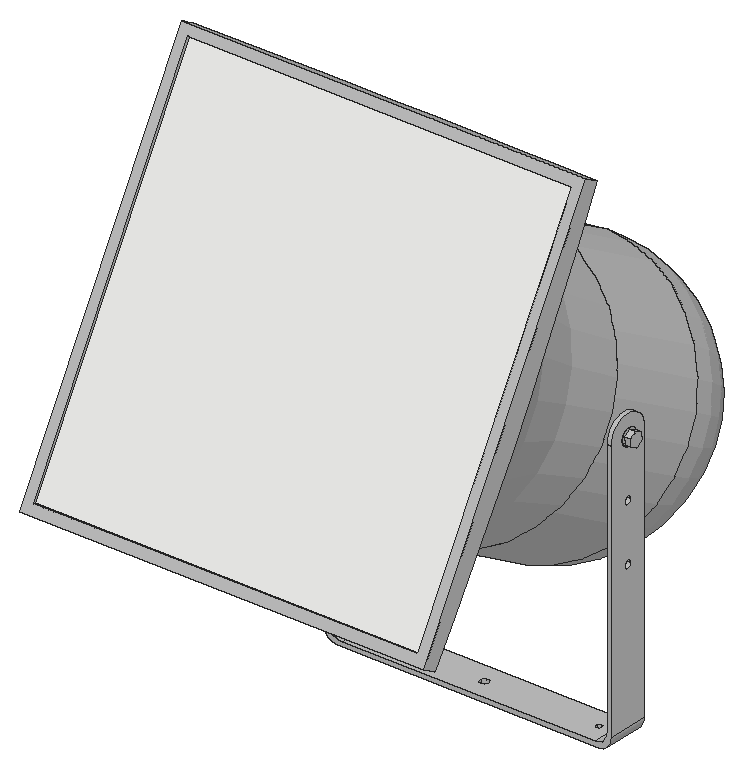
Revit family "Electronics_Community-Point-Source_Biamp_Loudspeaker_R_1", category Communication Devices, host Face, Revit 2020
Family settings
  Host = Face
  Maintain Annotation Orientation = No
  Round Connector Dimension = Use Diameter
  Part Type = Normal
  OmniClass Number = 23.85.10.11.14.14.14
  OmniClass Title = Loudspeakers
  Cut with Voids When Loaded = No
  Shared = No
  Room Calculation Point = No
Parameters (values of type "R1-94Z")
  Yoke Material = Biamp - Metal - Gray
  Width = 24.76378"  # constant formula
  Weight = 55.5565 lbf  # constant formula
  URL = "https://www.biamp.com/"
  Sensitivity (1W/1m) = "104 dB SPL (100 Hz to 16 kHz 1/3 octave bands) 105 dB SPL (250 Hz to 4 kHz speech range)"
  Rotate angle [instance] = 30.00°
  Required Accessories = "90 Hz high pass filter"  # constant formula
  Recommended Signal = "90 Hz high pass filter"  # constant formula
  Recommended Power Amplifier = "420W to 600W @ 8 ohms"  # constant formula
  Product data url = "https://www.bimobject.com/biamp/product/r1_community-point-source"
  Product Page URL = "https://www.biamp.com/products/product-families/community/point-source#r1"
  Product Documentation Link = "https://downloads.biamp.com/assets/docs/default-source/data-sheets/biamp_data_sheet_community_r1-94z.pdf"
  Position Note [instance] = "Please, set the value from 1 to 3 to choose the installation position on the yoke"  # constant formula
  Position [instance] = 3
  Operating Range = "90 Hz to 16 kHz 110 Hz to 10 kHz (±4 dB)"  # constant formula
  Offset [instance] = if(Nom Position = 1, 9.75391", if(Nom Position = 2, 13.25391", if(Nom Position = 3, 16.75391", 0.00")))  # 16.75391"
  Nominal –6dB = "80° H (+0° / -49°, 1 kHz to 16 kHz) 35° V (+4° / -10°, 1 kHz to 16 kHz) 100° H x 100° V (400 Hz)"
  Nominal Impedance = "8 ohms"  # constant formula
  Nom angle [instance] = if(and(Position = 1, or(Rotate angle < 0.00°, Rotate angle = 0.00°)), 0.00°, if(and(Position = 1, and(Rotate angle > 11.00°, Rotate angle < 169.00°)), 11.00°, if(and(Position = 1, or(Rotate angle > 169.00°, Rotate angle = 169.00°)), 169.00°, if(and(Position = 2, Rotate angle < 0.00°), 0.00°, if(and(Position = 2, and(Rotate angle > 0.00°, Rotate angle < 45.00°)), Rotate angle, if(and(Position = 2, and(Rotate angle > 45.00°, Rotate angle < 135.00°)), 45.00°, if(and(Position = 2, and(Rotate angle > 135.00°, Rotate angle < 180.00°)), Rotate angle, if(and(Position = 2, Rotate angle > 180.00°), 180.00°, if(and(Position = 3, Rotate angle < -20.00°), -20.00°, if(and(Position = 3, Rotate angle > 200.00°), 200.00°, Rotate angle))))))))))  # 30.00°
  Nom Position [instance] = if(Position < 1, 1, if(and(Position > 1, Position < 3), Position, if(Position = 3, 3, if(Position > 3, 3, 1))))  # 3
  Mounting/Rigging Provisions = "(5) 1/2-13 rigging points"  # constant formula
  Model = "R1-94Z"
  Minimum Impedance = "5.7 ohms @ 230 Hz"
  Maximum Output = "127 dB SPL / 134 dB SPL (peak)"
  Max value position = 3  # constant formula
  Max Input Ratings = "200W continuous, 500W program 40 volts RMS, 89 volts momentary peak"  # constant formula
  Manufacturer = "Biamp"  # constant formula
  Loudspeaker Type = "2-way horn loaded coaxial, weather-resistant"  # constant formula
  Input Connection = "12 foot (4 m) SJOW #16 gauge"  # constant formula
  Housing Material = Biamp - Plastic - Gray
  Height = 24.76378"  # constant formula
  Grille = "3-layer WeatherStop™, light grey (Zinc-rich epoxy dual-layer powder coated perforated steel grille, foam, woven poly mesh)"  # constant formula
  Grill Material = Biamp - Plastic - Gray(Grid)
  Environmental Performance = "IEC529 IP55W rating with a minimum 5-degree downward aiming angle"  # constant formula
  Enclosure = "Hand-laminated fiberglass, light grey gelcoat"  # constant formula
  Drivers = "LF 1 x 12” weather-treated, Ferrofluid-cooled HF 1 x 1” exit, titanium diaphragm"  # constant formula
  Driver Protection = "PowerSense™ DDP"  # constant formula
  Description = "R1 Two-Way Horn Loaded Weather-Resistant Full-Range Loudspeaker"  # constant formula
  Depth = 29.76378"  # constant formula
  Default Elevation = 48.00"
  Crossover Frequency = "1.2 kHz"  # constant formula
  Connector Description = "Terminal strip; 200W continuous, 500W program 40 volts RMS, 89 volts momentary peak"  # constant formula
  Axial Q / DI = "29.7 / 14.7, 1 kHz to 16 kHz"
Types (3): name | Sensitivity (1W/1m) | Rotate angle | Product Documentation Link | Nominal –6dB | Nom angle | Model | Minimum Impedance | Maximum Output | Axial Q / DI
  R1-64Z | "105 dB SPL (100 Hz to 16 kHz 1/3 octave bands) 106 dB SPL (250 Hz to 4 kHz speech range)" | 35.00° | "https://downloads.biamp.com/assets/docs/default-source/data-sheets/biamp_data_sheet_community_r1-64z.pdf" | "50° H (+4° / -19°, 1 kHz to 16 kHz) 35° V (+7° / -5°, 1 kHz to 16 kHz) 100° H x 100° V (400 Hz)" | 35.00° | "R1-64Z" | "5.5 ohms @ 230 Hz" | "128 dB SPL / 135 dB SPL (peak)" | "31.5 / 15, 1 kHz to 16 kHz"
  R1-66Z | "105 dB SPL (100 Hz to 16 kHz 1/3 octave bands) 106 dB SPL (250 Hz to 4 kHz speech range)" | 30.00° | "https://downloads.biamp.com/assets/docs/default-source/data-sheets/biamp_data_sheet_community_r1-66z.pdf" | "60° H (+18° / -20°, 1 kHz to 16 kHz) 60° V (+13° / -16°, 1 kHz to 16 kHz) 100° H x 100° V (400 Hz)" | 30.00° | "R1-66Z" | "5.7 ohms @ 230 Hz" | "128 dB SPL / 135 dB SPL (peak)" | "20.3 / 13.1, 1 kHz to 16 kHz"
  R1-94Z | "104 dB SPL (100 Hz to 16 kHz 1/3 octave bands) 105 dB SPL (250 Hz to 4 kHz speech range)" | 30.00° | "https://downloads.biamp.com/assets/docs/default-source/data-sheets/biamp_data_sheet_community_r1-94z.pdf" | "80° H (+0° / -49°, 1 kHz to 16 kHz) 35° V (+4° / -10°, 1 kHz to 16 kHz) 100° H x 100° V (400 Hz)" | 30.00° | "R1-94Z" | "5.7 ohms @ 230 Hz" | "127 dB SPL / 134 dB SPL (peak)" | "29.7 / 14.7, 1 kHz to 16 kHz"
Reference planes (in)
  plane 1 "Center (Front/Back)": y = 0
  plane 2: z = 0
  plane 3 "Center (Left/Right)": x = 0
  plane 4: z = 16.75391
Forms (in)
  Sweep 1, solid, material "Biamp - Metal - Gray" <- "Yoke Material", detail levels coarse
    path origin (0, 0, 0) x (1, 0, 0) y (0, 1, 0)
      loop
        line (0, -1.25) -> (0, 1.25)
    profile origin (0, 0, 0) x (-1, 0, 0) y (0, 0, 1)
      loop
        line (8.75, 0) -> (8.75, 18) -> (8.49803, 18) -> (8.49803, 0.25197) -> (-8.49803, 0.25197) -> (-8.49803, 18) -> (-8.75, 18) -> (-8.75, 0) -> (8.75, 0)
  Sweep 2, solid, material "Biamp - Metal - Gray" <- "Yoke Material", detail levels medium+fine
    path origin (0, 0, 0) x (1, 0, 0) y (0, 1, 0)
      loop
        line (0, -1.25) -> (0, 1.25)
    profile origin (0, 0, 0) x (-1, 0, 0) y (0, 0, 1)
      loop
        arc (7.9626, 0) -> (8.51938, 0.23062) -> (8.75, 0.7874) r 0.7874
        line (8.75, 0.7874) -> (8.75, 18) -> (8.49803, 18) -> (8.49803, 1.03937)
        arc (8.49803, 1.03937) -> (8.26741, 0.48259) -> (7.71063, 0.25197) r 0.7874
        line (7.71063, 0.25197) -> (-7.71063, 0.25197)
        arc (-7.71063, 0.25197) -> (-8.26741, 0.48259) -> (-8.49803, 1.03937) r 0.7874
        line (-8.49803, 1.03937) -> (-8.49803, 18) -> (-8.75, 18) -> (-8.75, 0.7874)
        arc (-8.75, 0.7874) -> (-8.51938, 0.23062) -> (-7.9626, 0) r 0.7874
        line (-7.9626, 0) -> (7.9626, 0)
  Extrusion 3, void
    sketch origin (0, 0, 0) x (1, 0, 0) y (0, 1, 0)
      loop
        circle (0, 0) r 0.25591
      loop
        circle (-7, 0) r 0.17717
      loop
        circle (7, 0) r 0.17717
    from 0 to 0.25197
  Sweep 4, void
    path origin (0, 0, 0) x (1, 0, 0) y (0, 1, 0)
      loop
        line (-8.75, 0) -> (8.75, 0)
    profile origin (0, 0, 0) x (0, 1, 0) y (0, 0, 1)
      loop
        circle (0, 16.75) r 0.25591
      loop
        circle (0, 13.25) r 0.25591
      loop
        circle (0, 9.75) r 0.25591
  Sweep 5, void
    path origin (0, 0, 0) x (1, 0, 0) y (0, 1, 0)
      loop
        line (-8.75, 0) -> (8.75, 0)
    profile origin (0, 0, 0) x (0, 1, 0) y (0, 0, 1)
      loop
        line (1.25, 18.24606) -> (-1.25, 18.24606) -> (-1.25, 16.75)
        arc (-1.25, 16.75) -> (0, 18) -> (1.25, 16.75) r 1.25
        line (1.25, 16.75) -> (1.25, 18.24606)
  Revolve 6, solid, material "Biamp - Metal - Gray" <- "Yoke Material"
    sketch origin (0, 0, 0) x (1, 0, 0) y (0, 0, 1)
      loop
        line (-8.25555, 16.96883) -> (-8.75, 16.96883) -> (-8.75, 17.2555) -> (-8.8461, 17.2555) -> (-8.8461, 16.75391) -> (-8.25555, 16.75391) -> (-8.25555, 16.96883)
      loop
        line (8.25555, 16.96883) -> (8.25555, 16.75391) -> (8.8461, 16.75391) -> (8.8461, 17.2555) -> (8.75, 17.2555) -> (8.75, 16.96883) -> (8.25555, 16.96883)
      axis (-8.8461, 16.75391) -> (8.8461, 16.75391)
    angle from 0 to 360
  Sweep 7, solid, material "Biamp - Metal - Gray" <- "Yoke Material", detail levels medium+fine
    path origin (0, 0, 0) x (1, 0, 0) y (0, 0, 1)
      loop
        line (-8.8461, 16.75391) -> (-9.23981, 16.75391)
    profile origin (-9.04296, 0, 16.75391) x (0, 0, -1) y (0, -1, 0)
      loop
        line (-0.45288, 0.03962) -> (-0.26075, -0.37239) -> (0.19213, -0.41201) -> (0.45288, -0.03962) -> (0.26075, 0.37239) -> (-0.19213, 0.41201) -> (-0.45288, 0.03962)
  Sweep 8, solid, material "Biamp - Metal - Gray" <- "Yoke Material", detail levels medium+fine
    path origin (0, 0, 0) x (-1, 0, 0) y (0, 0, 1)
      loop
        line (-8.8461, 16.75391) -> (-9.23981, 16.75391)
    profile origin (9.04296, 0, 16.75391) x (0, 0, 1) y (0, -1, 0)
      loop
        line (0.45288, 0.03962) -> (0.19213, 0.41201) -> (-0.26075, 0.37239) -> (-0.45288, -0.03962) -> (-0.19213, -0.41201) -> (0.26075, -0.37239) -> (0.45288, 0.03962)
Cuts and joins
  Extrusion 3, Sweep 4 cuts Sweep 1
  Extrusion 3, Sweep 4, Sweep 5 cuts Sweep 2
Lines and regions (in)
  Masking region 1
    outline origin (0, 0, 0) x (1, 0, 0) y (0, 1, 0)
      loop
        line (-8.75, 1.25) -> (-8.75, -1.25) -> (8.75, -1.25) -> (8.75, 1.25) -> (-8.75, 1.25)
  reference lines
    curve 1: line (0, 0, 16.75391) -> (0, -4.43241, 19.31296)
  symbolic lines
    curve 2: line (0, 0, 16.75391) -> (0, -14.88189, 16.75391)
Dimensions and locks (in)
  "Offset": plane 4 to plane 2
  "Nom angle": angle plane 4 to curve 1
  aligned and locked: plane 2 to host face
  aligned and locked: level to host face
  aligned and locked: plane 4 to curve 1
  aligned and locked: plane 1 "Center (Front/Back)" to curve 1
  aligned and locked: plane 4 to Sweep 7 sketch curve
  aligned and locked: Sweep 8 sketch curve to plane 4
Automatic sketch dimensions
  host sketch curve to host sketch curve = 96.00"  (x2)
  Sweep 1 sketch curve to plane 3 "Center (Left/Right)" = 0.00"
  plane 1 "Center (Front/Back)" to Sweep 1 sketch curve = 1.25"
  Sweep 1 sketch curve to plane 1 "Center (Front/Back)" = 1.25"
  Sweep 1 sketch curve to level = 0.00"
  profile plane to Sweep 1 sketch curve = 8.75"
  Sweep 1 sketch curve to Sweep 1 sketch curve = 0.25197"  (x2)
  level to Sweep 1 sketch curve = 0.25197"
  Sweep 1 sketch curve to profile plane = 8.49803"
  Sweep 1 sketch curve to Sweep 1 sketch curve = 17.74803"
  Sweep 1 sketch curve to Sweep 1 sketch curve = 0.00"
  Sweep 2 sketch curve to plane 3 "Center (Left/Right)" = 0.00"
  plane 1 "Center (Front/Back)" to Sweep 2 sketch curve = 1.25"
  Sweep 2 sketch curve to plane 1 "Center (Front/Back)" = 1.25"
  Sweep 2 sketch curve to level = 0.00"
  profile plane to Sweep 2 sketch curve = 8.75"
  Sweep 2 sketch curve to Sweep 2 sketch curve = 0.25197"  (x4)
  Sweep 2 sketch curve to Sweep 2 sketch curve = 0.7874"
  level to Sweep 2 sketch curve = 0.25197"
  Sweep 2 sketch curve to profile plane = 7.71063"
  Sweep 2 sketch curve to Sweep 2 sketch curve = 0.53543"
  Sweep 2 sketch curve to Sweep 2 sketch curve = 16.96063"  (x2)
  plane 1 "Center (Front/Back)" to Extrusion 3 sketch curve = 0.00"  (x3)
  Extrusion 3 sketch curve to plane 3 "Center (Left/Right)" = 0.00"
  Extrusion 3 sketch curve to plane 3 "Center (Left/Right)" = 7.00"
  Extrusion 3 sketch curve to Extrusion 3 sketch curve = 7.00"
  plane 1 "Center (Front/Back)" to Sweep 4 sketch curve = 0.00"
  Sweep 4 sketch curve to plane 3 "Center (Left/Right)" = 8.75"
  plane 3 "Center (Left/Right)" to Sweep 4 sketch curve = 8.75"
  Sweep 4 sketch curve to profile plane = 0.00"  (x3)
  level to Sweep 4 sketch curve = 9.75"
  Sweep 4 sketch curve to Sweep 4 sketch curve = 3.50"  (x2)
  plane 1 "Center (Front/Back)" to Sweep 5 sketch curve = 0.00"
  Sweep 5 sketch curve to plane 3 "Center (Left/Right)" = 8.75"
  plane 3 "Center (Left/Right)" to Sweep 5 sketch curve = 8.75"
  Sweep 5 sketch curve to profile plane = 0.00"
  profile plane to Sweep 5 sketch curve = 1.25"
  Sweep 5 sketch curve to profile plane = 1.25"
  level to Sweep 5 sketch curve = 16.75"
  Sweep 5 sketch curve to Sweep 5 sketch curve = 1.49606"
  Sweep 5 sketch curve to Sweep 5 sketch curve = 0.00"
  Revolve 6 sketch curve to plane 4 = 0.00"  (x3)
  Revolve 6 sketch curve to plane 3 "Center (Left/Right)" = 8.8461"
  Revolve 6 sketch curve to Revolve 6 sketch curve = 0.0961"  (x2)
  plane 4 to Revolve 6 sketch curve = 0.21492"  (x2)
  Revolve 6 sketch curve to Revolve 6 sketch curve = 0.49445"  (x2)
  plane 3 "Center (Left/Right)" to Revolve 6 sketch curve = 8.25555"
  Revolve 6 sketch curve to Revolve 6 sketch curve = 0.28667"  (x2)
  Revolve 6 sketch curve to Revolve 6 sketch curve = 0.6913"
  Revolve 6 sketch curve to Revolve 6 sketch curve = 0.90783"
  Sweep 7 sketch curve to plane 3 "Center (Left/Right)" = 9.23981"
  Sweep 7 sketch curve to Sweep 7 sketch curve = 0.3937"
  plane 1 "Center (Front/Back)" to Sweep 7 sketch curve = 0.03962"
  profile plane to Sweep 7 sketch curve = 0.45288"
  profile plane to Sweep 7 sketch curve = 0.26075"
  profile plane to Sweep 7 sketch curve = 0.19213"
  Sweep 7 sketch curve to profile plane = 0.19213"
  Sweep 7 sketch curve to profile plane = 0.26075"
  Sweep 7 sketch curve to plane 1 "Center (Front/Back)" = 0.03962"
  Sweep 7 sketch curve to profile plane = 0.45288"
  Sweep 7 sketch curve to plane 1 "Center (Front/Back)" = 0.37239"
  Sweep 7 sketch curve to plane 1 "Center (Front/Back)" = 0.41201"
  plane 1 "Center (Front/Back)" to Sweep 7 sketch curve = 0.37239"
  plane 1 "Center (Front/Back)" to Sweep 7 sketch curve = 0.41201"
  Sweep 8 sketch curve to plane 3 "Center (Left/Right)" = 9.23981"
  Sweep 8 sketch curve to Sweep 8 sketch curve = 0.3937"
  Sweep 8 sketch curve to plane 1 "Center (Front/Back)" = 0.03962"
  profile plane to Sweep 8 sketch curve = 0.45288"
  profile plane to Sweep 8 sketch curve = 0.26075"
  profile plane to Sweep 8 sketch curve = 0.19213"
  Sweep 8 sketch curve to profile plane = 0.19213"
  Sweep 8 sketch curve to profile plane = 0.26075"
  plane 1 "Center (Front/Back)" to Sweep 8 sketch curve = 0.03962"
  Sweep 8 sketch curve to profile plane = 0.45288"
  Sweep 8 sketch curve to plane 1 "Center (Front/Back)" = 0.37239"
  Sweep 8 sketch curve to plane 1 "Center (Front/Back)" = 0.41201"
  plane 1 "Center (Front/Back)" to Sweep 8 sketch curve = 0.37239"
  plane 1 "Center (Front/Back)" to Sweep 8 sketch curve = 0.41201"
  plane 1 "Center (Front/Back)" to Masking region 1 sketch curve = 1.25"
  Masking region 1 sketch curve to plane 3 "Center (Left/Right)" = 8.75"
  plane 3 "Center (Left/Right)" to Masking region 1 sketch curve = 8.75"
  Masking region 1 sketch curve to plane 1 "Center (Front/Back)" = 1.25"
  curve 2 to plane 4 = 0.00"
  curve 2 to plane 1 "Center (Front/Back)" = 0.00"
  plane 1 "Center (Front/Back)" to curve 2 = 14.88189"
  radius of Extrusion 3 sketch curve = 0.25591"
  radius of Extrusion 3 sketch curve = 0.17717"  (x2)
  radius of Sweep 4 sketch curve = 0.25591"  (x3)
Nested families (in)
  nested 1: "R1" at (0, -7.16611, 6.60184) x (1, 0, 0) z (0, 0.5, 0.866), Grill <- "Grill Material", Host <- "Housing Material", type "R1"
    with Host Biamp - Plastic - Gray, Grill Biamp - Plastic - Gray(Grid)
Connectors (in)
  electrical at (0, 8.74225, 7.62437), driven by "Connector Description"
    settings: on nested 1, index 1, voltage 0 V, apparent load 0 VA, apparent load phase1 0 VA, apparent load phase2 0 VA, apparent load phase3 0 VA, power factor 1, load classification "Other", number of poles 1, system type 5, power factor state 1, is connector primary yes, connector utility no, sub classification motor no, connector description "Terminal strip; 200W continuous, 500W program 40 volts RMS, 89 volts momentary peak"
Definition of nested family "R1"
  Parameters (values of type "R1")
    Host [instance] = none
    Grill [instance] = none
    Default Elevation = 48.00"
  Reference planes (in)
    plane 1 "Center (Front/Back)": y = 0
    plane 2: z = 0
    plane 3 "Center (Left/Right)": x = 0
  Forms (in)
    Extrusion 1, solid, material <- "Host", detail levels coarse
      sketch origin (0, 0, 0) x (1, 0, 0) y (0, 0, 1)
        loop
          line (-12.31594, 24.75) -> (-12.31594, 0) -> (12.31594, 0) -> (12.31594, 24.75) -> (-12.31594, 24.75)
      from -14.88189 to 14.88189
    Revolve 2, void
      sketch origin (0, 0, 0) x (0, 1, 0) y (0, 0, 1)
        loop
          line (0, 20.64272) -> (7.08661, 20.64272)
          arc (7.08661, 20.64272) -> (12.72011, 18.18116) -> (14.74103, 12.375) r 7.67717
          line (14.74103, 12.375) -> (16.53543, 12.375) -> (16.53543, 30.48524) -> (-13.97638, 30.48524) -> (-13.4636, 24.62411)
          arc (-13.4636, 24.62411) -> (-7.01997, 21.65892) -> (0, 20.64272) r 24.75515
        axis (16.53543, 12.375) -> (-13.97638, 12.375)
      angle from 0 to 360
    Extrusion 3, solid, material <- "Host", detail levels medium+fine
      sketch origin (0, 0, 0) x (1, 0, 0) y (0, 0, 1)
        loop
          line (-12.31594, 24.75) -> (-12.31594, 0) -> (12.31594, 0) -> (12.31594, 24.75) -> (-12.31594, 24.75)
      from -14.88189 to 14.88189
    Extrusion 4, void
      sketch origin (0, -14.88189, 0) x (1, 0, 0) y (0, 0, 1)
        loop
          line (-11.72539, 0.59055) -> (11.72514, 0.59055) -> (11.72514, 24.15945) -> (-11.72539, 24.15945) -> (-11.72539, 0.59055)
      from -0.53836 to 0.75412
    Extrusion 5, solid, material <- "Grill"
      sketch origin (0, -14.88189, 0) x (1, 0, 0) y (0, 0, 1)
        loop
          line (-11.68602, 24.12008) -> (-11.68602, 0.62992) -> (11.68577, 0.62992) -> (11.68577, 24.12008) -> (-11.68602, 24.12008)
      from -0.53836 to -0.09237
    Extrusion 6, void
      sketch origin (-2.86713, 0, 0) x (1, 0, 0) y (0, 1, 0)
        loop
          circle (2.86713, 13.26578) r 0.59055
      from 0 to 8.83972
  Cuts and joins
    Revolve 2, Extrusion 6 cuts Extrusion 1
    Revolve 2, Extrusion 4, Extrusion 6 cuts Extrusion 3
  Lines and regions (in)
    Masking region 1
      outline origin (0, 0, 0) x (1, 0, 0) y (0, 0, 1)
        loop
          line (-12.31594, 24.75) -> (-12.31594, 0) -> (12.31594, 0) -> (12.31594, 24.75) -> (-12.31594, 24.75)
    Masking region 2
      outline origin (0, 0, 0) x (1, 0, 0) y (0, 1, 0)
        loop
          line (-12.31594, -14.88189) -> (12.31594, -14.88189) -> (12.31594, -13.47609)
          arc (12.31594, -13.47609) -> (9.06682, -7.05808) -> (7.67717, 0) r 26.31404
          line (7.67717, 0) -> (7.67717, 7.08661)
          arc (7.67717, 7.08661) -> (0, 14.76378) -> (-7.67717, 7.08661) r 7.67717
          line (-7.67717, 7.08661) -> (-7.67717, 0)
          arc (-7.67717, 0) -> (-9.06682, -7.05808) -> (-12.31594, -13.47609) r 26.31404
          line (-12.31594, -13.47609) -> (-12.31594, -14.88189)
  Dimensions and locks (in)
    aligned and locked: level to plane 2
